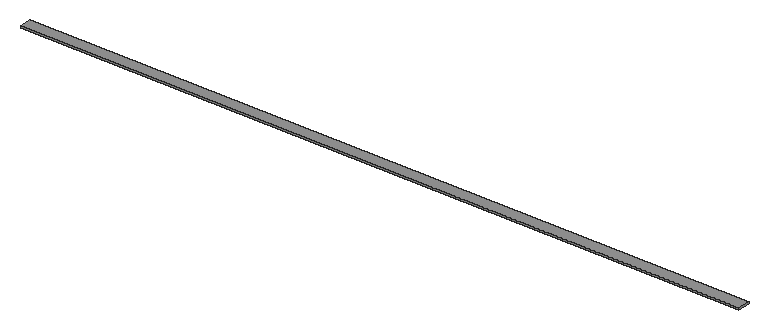
Revit family "0068101", category Lighting Fixtures, host Face, Revit 2017
Family settings
  Host = Face
  Round Connector Dimension = Use Diameter
  Part Type = Normal
  OmniClass Number = 23.80.70.00
  OmniClass Title = Lighting
  Cut with Voids When Loaded = No
  Light Source = Yes
  Shared = No
  Room Calculation Point = No
Parameters (values of type "0068101 START FLEX IP20 840 2850LM - 500 mm")
  Width_SYL = if(IP20HO_SYL, 10 mm, if(IP65_SYL, 12 mm, if(IP65HO_SYL, 10 mm, if(IP67_SYL, 10 mm, if(IP20RGB_SYL, 8 mm, if(IP20RGBW_SYL, 12 mm, if(IP67RGB_SYL, 12 mm, if(IP67RGBW_SYL, 14 mm, 8 mm))))))))  # 8 mm
  Weight = "2.0 kg"
  Wattage Comments = ""
  Wattage = 24 W
  WarrantyStartDate [instance] = "n/a"
  WarrantyGuarantorParts = "n/a"
  WarrantyDurationUnit = "n/a"
  WarrantyDurationParts = "n/a"
  WarrantyDescription = "n/a"
  built-in parameter 1150110 = 1 (stored number, unit not read)
  Voltage = 24 V
  URL = "http://www.sylvania-lighting.com"
  TypeName = "START FLEX IP20 840 2850LM - 500 mm"
  Type Image = <None>
  Type Comments = "n/a"
  built-in parameter 1114217 = 1 (stored number, unit not read)
  Tilt Angle = -90.00°
  built-in parameter 1150109 = 1 (stored number, unit not read)
  built-in parameter 1150134 = 12
  built-in parameter 1150113 = 1 (stored number, unit not read)
  StartCapWidth_SYL = if(IP20HO_SYL, 2 mm, if(IP65_SYL, 14 mm, if(IP65HO_SYL, 12 mm, if(IP67_SYL, 17.5 mm, if(IP20RGB_SYL, 2 mm, if(IP20RGBW_SYL, 2 mm, if(IP67RGB_SYL, 14 mm, if(IP67RGBW_SYL, 16 mm, 2 mm))))))))  # 2 mm
  StartCapVisible_SYL [instance] = no
  StartCapLength_SYL = if(IP20HO_SYL, 2 mm, if(IP65_SYL, 10 mm, if(IP65HO_SYL, 15 mm, if(IP67_SYL, 35 mm, if(IP20RGB_SYL, 2 mm, if(IP20RGBW_SYL, 2 mm, if(IP67RGB_SYL, 12 mm, if(IP67RGBW_SYL, 12 mm, 2 mm))))))))  # 2 mm
  StartCapHeight_SYL = if(IP20HO_SYL, 2 mm, if(IP65_SYL, 6 mm, if(IP65HO_SYL, 6 mm, if(IP67_SYL, 9.5 mm, if(IP20RGB_SYL, 2 mm, if(IP20RGBW_SYL, 2 mm, if(IP67RGB_SYL, 7 mm, if(IP67RGBW_SYL, 7 mm, 2 mm))))))))  # 2 mm
  SerialNumber [instance] = "n/a"
  SealingVisibility_SYL = no
  IP67_SYL = no
  IP67RGB_SYL = no
  IP67RGBW_SYL = no
  IP65_SYL = no
  IP65HO_SYL = no
  IP20RGB_SYL = no
  IP20RGBW_SYL = no
  IP20HO_SYL = no
  HeightWithSealing_SYL = if(IP20HO_SYL, 2 mm, if(IP65_SYL, 4 mm, if(IP65HO_SYL, 4 mm, if(IP67_SYL, 6 mm, if(IP20RGB_SYL, 2 mm, if(IP20RGBW_SYL, 2 mm, if(IP67RGB_SYL, 5 mm, if(IP67RGBW_SYL, 5 mm, 2 mm))))))))  # 2 mm
  Photometric Web File = "0068101.ies"
  Material_3_SYL = ABS Plastic
  PowerFactor = 0
  PowerConsumption = "24 W"
  NominalLength = 5000 mm
  NominalHeight = 1.2 mm
  NominalDepth = 8 mm
  Name = "START FLEX IP20 840 2850LM - 500 mm"
  ModelReference = Name  # "START FLEX IP20 840 2850LM - 500 mm"
  ModelNumber = "0068101"
  Model = Name  # "START FLEX IP20 840 2850LM - 500 mm"
  Material = "none diffuser"
  ManufacturerName = "Feilo Sylvania"
  Manufacturer = "Feilo Sylvania"
  LuminousEfficacy = "119 lm/W"
  built-in parameter 1150105 = 952.27 (stored number, unit not read)
  Lumens = 2856 lm
  LuminaireType = ""
  built-in parameter 1150115 = 1 (stored number, unit not read)
  LightOutputRatio = "n/a"
  built-in parameter 1150137 = (empty or 0)
  built-in parameter 1150139 = (empty or 0)
  Length_SYL = 500 mm
  LampsType = Lamp  # "LED"
  LampNominalLuminous = "2850 lm"
  LampMacAdamStep = "3"
  LampColourTemperature = "4000 K"
  LampColourRenderingIndex = "80"
  built-in parameter 1150112 = 1 (stored number, unit not read)
  built-in parameter 1150114 = 1 (stored number, unit not read)
  Lamp = "LED"
  Keynote = "16500"
  InstallationDate [instance] = "n/a"
  InputVoltage = "24V DC"
  InputNominalFrequency = "n/a"
  built-in parameter 1150132 = (empty or 0)
  built-in parameter 1150102 = (empty or 0)
  built-in parameter 1150107 = 4000 (stored number, unit not read)
  built-in parameter 1150138 = (empty or 0)
  IngressProtection = "IP20"
  ImpactProtectionIndex = "IK00"
  built-in parameter 1150106 = 9.5227 (stored number, unit not read)
  IfcExportType = "IfcLightFixtureType"
  IfcExportAs = "IfcLightFixtureType"
  EndCapWidth_SYL = if(IP20HO_SYL, 2 mm, if(IP65_SYL, 14 mm, if(IP65HO_SYL, 12 mm, if(IP67_SYL, 17.5 mm, if(IP20RGB_SYL, 2 mm, if(IP20RGBW_SYL, 2 mm, if(IP67RGB_SYL, 14 mm, if(IP67RGBW_SYL, 16 mm, 2 mm))))))))  # 2 mm
  EndCapVisible_SYL [instance] = no
  EndCapLength_SYL = if(IP20HO_SYL, 2 mm, if(IP65_SYL, 10 mm, if(IP65HO_SYL, 10 mm, if(IP67_SYL, 15 mm, if(IP20RGB_SYL, 2 mm, if(IP20RGBW_SYL, 2 mm, if(IP67RGB_SYL, 10 mm, if(IP67RGBW_SYL, 10 mm, 2 mm))))))))  # 2 mm
  EndCapHeight_SYL = if(IP20HO_SYL, 2 mm, if(IP65_SYL, 6 mm, if(IP65HO_SYL, 6 mm, if(IP67_SYL, 9.5 mm, if(IP20RGB_SYL, 2 mm, if(IP20RGBW_SYL, 2 mm, if(IP67RGB_SYL, 7 mm, if(IP67RGBW_SYL, 7 mm, 2 mm))))))))  # 2 mm
  EmitSurfaceOffset_SYL = 1 mm  # constant formula
  EmitSurfaceHeight_SYL = if(IP20HO_SYL, 1.2 mm, if(IP65_SYL, 4 mm, if(IP65HO_SYL, 4 mm, if(IP67_SYL, 6 mm, if(IP20RGB_SYL, 1.2 mm, if(IP20RGBW_SYL, 1.2 mm, if(IP67RGB_SYL, 5 mm, if(IP67RGBW_SYL, 5 mm, 1.2 mm))))))))  # 1.2 mm
  Emit from Rectangle Width = if(IP20HO_SYL, 3.5 mm, if(IP65_SYL, 12 mm, if(IP65HO_SYL, 10 mm, if(IP67_SYL, 10 mm, if(IP20RGB_SYL, 5 mm, if(IP20RGBW_SYL, 5 mm, if(IP67RGB_SYL, 12 mm, if(IP67RGBW_SYL, 14 mm, 3.5 mm))))))))  # 3.5 mm
  Emit from Rectangle Length = Length_SYL - 2 * EmitSurfaceOffset_SYL  # 498 mm
  Emit Shape Visible in Rendering = no
  ElectricShockClassification = "Class III"
  built-in parameter 1150104 = 11.055 (stored number, unit not read)
  DocumentationLiterature = "http://www.sylvania-lighting.com/product/en-int/products/0068101"
  DimmingControlOptions = "n/a"
  Material_2_SYL = LED
  Dimming Lamp Color Temperature Shift = <None>
  Description = "5 metre IP20 LED reel with pre-attached 3M adhesive type;  equipped with 300 LEDs; 2850lm per 5m (570lm per 1m); 24V; 4000K; CRI80; SDCM <3; 50000 hrs (L70)"
  Default Elevation = 1219.2 mm
  CreatedOn = "9/11/2019"
  CreatedBy = "@sylvania-lighting.com"
  Cost = 0
  Color Filter = 16777215
  built-in parameter 1114216 [instance] = (empty or 0)
  ClassificationValue = "EF_70_80"
  ClassificationName = "Uniclass2015"
  Material_1_SYL = Aluminum
  BarCode [instance] = "n/a"
  built-in parameter 1114218 = 1 (stored number, unit not read)
  built-in parameter 1150133 = 10 (stored number, unit not read)
  AssetType = "Fixed"
  AssetIdentifier [instance] = "n/a"
  Assembly Code = "D5020200"
  Apparent Load = 24 VA
  Material_4_SYL = Polycarbonate, Clear
Types (4, lengths in mm): name | TypeName | StartCapVisible_SYL | Name | ModelReference | Model | Length_SYL | EndCapVisible_SYL | Emit from Rectangle Length
  0068101 START FLEX IP20 840 2850LM - 500 mm | "START FLEX IP20 840 2850LM - 500 mm" | no | "START FLEX IP20 840 2850LM - 500 mm" | "START FLEX IP20 840 2850LM - 500 mm" | "START FLEX IP20 840 2850LM - 500 mm" | 500 | no | 498
  0068101 START FLEX IP20 840 2850LM - 100 mm | "START FLEX IP20 840 2850LM - 100 mm" | no | "START FLEX IP20 840 2850LM - 100 mm" | "START FLEX IP20 840 2850LM - 100 mm" | "START FLEX IP20 840 2850LM - 100 mm" | 100 | no | 98
  0068101 START FLEX IP20 840 2850LM - 50 mm | "START FLEX IP20 840 2850LM - 50 mm" | yes | "START FLEX IP20 840 2850LM - 50 mm" | "START FLEX IP20 840 2850LM - 50 mm" | "START FLEX IP20 840 2850LM - 50 mm" | 50 | yes | 48
  0068101 START FLEX IP20 840 2850LM - 10 mm | "START FLEX IP20 840 2850LM - 10 mm" | yes | "START FLEX IP20 840 2850LM - 10 mm" | "START FLEX IP20 840 2850LM - 10 mm" | "START FLEX IP20 840 2850LM - 10 mm" | 10 | yes | 8
Reference planes
  plane 1 "Center (Front/Back)": y = 0
  plane 2: z = 0
  plane 3 "Center (Left/Right)": x = 0
  plane 4: y = 4
  plane 5: y = -4
  plane 6: z = 1.2
  plane 7: x = 500
  plane 8: x = 250
  plane 9: x = 1
  plane 10: x = 499
  plane 11: y = 1.8
  plane 12: y = -1.8
  plane 13: y = 1
  plane 14: y = -1
  plane 15: x = -2
  plane 16: x = 502
  plane 17: y = 1
  plane 18: y = -1
  plane 19: z = 1.2
  plane 20: z = 2
  plane 21: z = 0.6
  plane 22: z = -0.4
  plane 23: z = 1.6
  plane 24: z = 1.6
  plane 25: z = -0.4
Forms (mm)
  Extrusion 1, solid, material "Aluminum" <- "Material_1_SYL"
    sketch origin (0, 0, 0) x (0, 1, 0) y (0, 0, 1)
      loop
        line (-4, 1.2) -> (-4, 0) -> (4, 0) -> (4, 1.2) -> (-4, 1.2)
    from 0 to 500
  Extrusion 2, solid, material "Polycarbonate, Clear" <- "Material_4_SYL", visible <- "SealingVisibility_SYL"
    sketch origin (0, 0, 0) x (0, 1, 0) y (0, 0, 1)
      loop
        line (-4, 1.2) -> (4, 1.2) -> (4, 2) -> (-4, 2) -> (-4, 1.2)
    from 0 to 500
  Extrusion 3, solid, visible <- "StartCapVisible_SYL"
    sketch origin (0, 0, 0) x (0, 1, 0) y (0, 0, 1)
      loop
        line (-1, -0.4) -> (1, -0.4) -> (1, 1.6) -> (-1, 1.6) -> (-1, -0.4)
    from 0 to -2
  Extrusion 4, solid, visible <- "EndCapVisible_SYL"
    sketch origin (500, 1524, 1219.2) x (0, 1, 0) y (0, 0, 1)
      loop
        line (-1523, -1219.6) -> (-1523, -1217.6) -> (-1525, -1217.6) -> (-1525, -1219.6) -> (-1523, -1219.6)
    from 0 to 2
Lines and regions (mm)
  Split face 1
    outline origin (0, -4, 1.2) x (0, 1, 0) y (-1, 0, 0)
      loop
        line (5.8, -1) -> (2.2, -1) -> (2.2, -499) -> (5.8, -499) -> (5.8, -1)
  reference lines
    curve 1: line (1, 1.8, 0) -> (499, 1.8, 0)
    curve 2: line (1, -1.8, 0) -> (1, 1.8, 0)
    curve 3: line (499, -1.8, 0) -> (1, -1.8, 0)
    curve 4: line (499, 1.8, 0) -> (499, -1.8, 0)
Dimensions and locks
  equal spacing: plane 5, plane 1 "Center (Front/Back)", plane 4
  "Width_SYL": plane 5 to plane 4
  "Length_SYL": plane 3 "Center (Left/Right)" to plane 7
  "EmitSurfaceOffset_SYL": plane 3 "Center (Left/Right)" to plane 9
  equal spacing: plane 9, plane 8, plane 10
  "EmitSurfaceOffset_SYL": plane 10 to plane 7
  equal spacing: plane 12, plane 1 "Center (Front/Back)", plane 11
  locked: plane 12 to plane 11 at 3.6
  equal spacing: plane 14, plane 1 "Center (Front/Back)", plane 13
  "StartCapWidth_SYL": plane 14 to plane 13
  "StartCapLength_SYL": plane 15 to plane 3 "Center (Left/Right)"
  equal spacing: plane 18, plane 1 "Center (Front/Back)", plane 17
  "EndCapWidth_SYL": plane 18 to plane 17
  "EndCapLength_SYL": plane 7 to plane 16
  "EmitSurfaceHeight_SYL": plane 19 to plane 2
  "HeightWithSealing_SYL": host face to plane 20
  equal spacing: plane 2, plane 21, plane 19
  equal spacing: plane 22, plane 21, plane 23
  "EndCapHeight_SYL": plane 22 to plane 23
  equal spacing: plane 25, plane 21, plane 24
  "StartCapHeight_SYL": plane 25 to plane 24
  aligned and locked: plane 2 to host face
  aligned and locked: level to host face
  aligned and locked: plane 6 to Extrusion 1 sketch curve
  aligned and locked: Extrusion 1 sketch curve to plane 5
  aligned and locked: level to Extrusion 1 sketch curve
  aligned and locked: plane 4 to Extrusion 1 sketch curve
  aligned and locked: plane 7 to Extrusion 1
  aligned and locked: imposter light to plane 1 "Center (Front/Back)"
  aligned and locked: plane 8 to imposter light
  aligned and locked: plane 11 to curve 1
  aligned and locked: plane 9 to curve 2
  aligned and locked: curve 3 to plane 12
  aligned and locked: curve 4 to plane 10
  aligned and locked: Split face 1 sketch curve to curve 1
  aligned and locked: Split face 1 sketch curve to curve 4
  aligned and locked: Split face 1 sketch curve to curve 3
  aligned and locked: Split face 1 sketch curve to curve 2
  aligned and locked: imposter light to plane 19
  aligned and locked: Extrusion 2 sketch curve to Extrusion 1  (x2)
  aligned and locked: Extrusion 2 sketch curve to plane 20
  aligned and locked: Extrusion 2 sketch curve to plane 4
  aligned and locked: Extrusion 2 to plane 3 "Center (Left/Right)"
  aligned and locked: plane 7 to Extrusion 2
  aligned and locked: plane 22 to Extrusion 3 sketch curve
  aligned and locked: plane 14 to Extrusion 3 sketch curve
  aligned and locked: Extrusion 3 sketch curve to plane 23
  aligned and locked: Extrusion 3 sketch curve to plane 13
  aligned and locked: Extrusion 3 to plane 15
  aligned and locked: plane 3 "Center (Left/Right)" to Extrusion 3
  aligned and locked: plane 13 to Extrusion 4 sketch curve
  aligned and locked: plane 23 to Extrusion 4 sketch curve
  aligned and locked: Extrusion 4 sketch curve to plane 18
  aligned and locked: Extrusion 4 sketch curve to plane 25
  aligned and locked: plane 16 to Extrusion 4
  aligned and locked: Extrusion 4 to plane 7
Automatic sketch dimensions
  host sketch curve to host sketch curve = 600 mm
  host sketch curve to host sketch curve = 100 mm
Connectors
  electrical at (0, 0, 0.6), driven by "Voltage", driven by "Apparent Load", driven by "PowerFactor"
    settings: on Extrusion 1, index 1, voltage 24 V, apparent load 24 VA, apparent load phase1 0 VA, apparent load phase2 0 VA, apparent load phase3 0 VA, power factor 0, load classification "Other", number of poles 1, system type 30, power factor state 1, is connector primary yes, connector utility no, sub classification motor no, connector description ""
